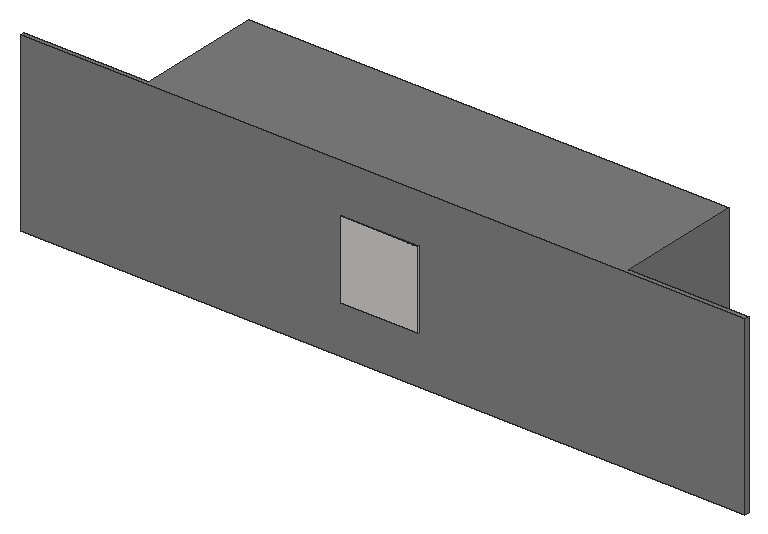
Revit family "2200", category Generic Models, Revit 2021
Family settings
  Can host rebar = No
  Round Connector Dimension = Use Diameter
  Part Type = Normal
  Work Plane-Based = No
  Always vertical = Yes
  Cut with Voids When Loaded = No
  Shared = No
  Room Calculation Point = No
Parameters (values of type "Standard")
  e-mail = "info@vola.com"
  URL = "http://vola.com"
  Telephone = "+45 7023 5500"
  Quality management standard = "ISO 9001"
  Organisation no. / DUNS no. = "17531328"
  Occupational health and safety management standard = "ISO 18001"
  Mounting Instructions = "http://vola.com/service/producturl.ashx?name=2200"
  Model = "2200"
  Materials and components information = "http://vola.com/service/producturl.ashx?name=2200"
  Manufacturer = "VOLA A/S"
  Maintenance Instructions = "http://vola.com/service/producturl.ashx?name=2200"
  Guarantee = "2 years"
  Flow = "25,00 l/min"
  Environmental management standard = "ISO 14000"
  Default Elevation = 0.00 mm
  Connection - All relevant connections = ""
  Approvals = "http://vola.com/service/producturl.ashx?name=2200"
Reference planes
  plane 1 "Center (Front/Back)": y = 0
  plane 2: z = 0
  plane 3 "Center (Left/Right)": x = 0
  plane 4 "Front Plane": y = -72.5
  plane 5 "Inlet Center Plane": y = -25
  plane 6: z = 70
Forms (mm)
  Extrusion 1, solid, material "Stainless Steel"
    sketch origin (1071.5, -2.5, 1) x (-1, 0, 0) y (0, 0, -1)
      loop
        line (1092.5, -90) -> (1092.5, -48) -> (1050.5, -48) -> (1050.5, -90) -> (1092.5, -90)
    from 68 to 68.7
  Extrusion 2, solid, material "Default"
    sketch origin (0, 0, 1) x (1, 0, 0) y (0, 1, 0)
      loop
        line (-127.5, 0) -> (-127.5, -68) -> (132.5, -68) -> (132.5, 0) -> (-127.5, 0)
    from 21.5 to 116.5
  Extrusion 3, solid, material "Stainless Steel"
    sketch origin (0, 0, 22.5) x (0, 1, 0) y (1, 0, 0)
      loop
        circle (-25, 27) r 14
    from 0 to 22.5
  Extrusion 4, solid, material "Stainless Steel"
    sketch origin (-54, 0, 22.5) x (0, 1, 0) y (1, 0, 0)
      loop
        circle (-25, 27) r 14
    from 0 to 22.5
  Extrusion 5, solid, material "Default"
    sketch origin (0, 0, 0) x (1, 0, 0) y (0, 1, 0)
      loop
        line (-195, -68) -> (-195, -70.5) -> (197.5, -70.5) -> (197.5, -68) -> (-195, -68)
    from 22.5 to 117.5
Cuts and joins
  joined: Extrusion 2, Extrusion 5
Lines and regions (mm)
  reference lines
    curve 1: line (0, -25, 70) -> (0, -122.5, 70)
    curve 2: line (-27, -25, 70) -> (-27, -25, -29)
    curve 3: line (27, -25, 70) -> (27, -25, -29)
    curve 4: line (0, -25, 70) -> (0, -25, 169)
Dimensions and locks
  aligned and locked: plane 2 to level
  aligned and locked: plane 6 to curve 3
  aligned and locked: plane 6 to curve 2
  aligned and locked: Extrusion 2 to Extrusion 5
  aligned and locked: Extrusion 5 to Extrusion 2
